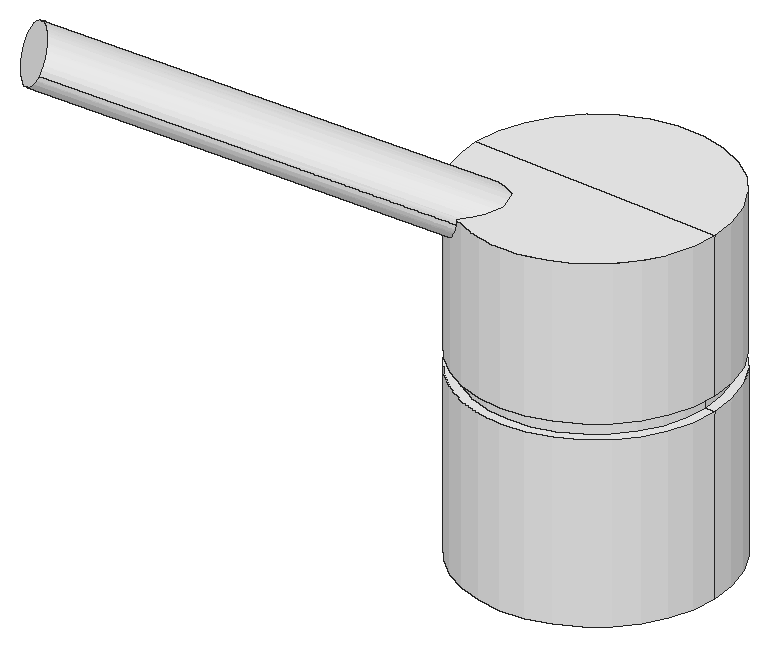
Revit family
Parameters
  Material Tap = Metal - Chrome
  Manufacturer = "Revit"
Reference planes
  plane 1 "Center (Front/Back)": y = 0
  plane 2: z = 0
  plane 3 "Center (Left/Right)": x = 0
  plane 4: z = 86.952
  plane 5: through (0, 6.419, 11.669) normal (0, -0.482, -0.8762)
  plane 6 "1": through (0, 0, 0) normal (-0.7071, 0.7071, 0)
Forms (mm)
  Sweep 1, solid, material "Metal - Chrome" <- "Material Tap"
    path origin (0, 0, -90) x (-0.707107, -0.707107, 0) y (0, 0, 1)
      loop
        line (1.612, 146.811) -> (92.243, 189.073)
    profile origin (-48.366, -48.366, 31.895) x (0.298836, 0.298836, 0.906308) y (-0.707107, 0.707107, 0)
      loop
        spline (50.807, 7.703) -> (49.513, 7.441) -> (48.307, 6.671) -> (47.272, 5.447) -> (46.477, 3.852) -> (45.977, 1.994) -> (45.807, 0) -> (45.977, -1.994) -> (46.477, -3.852) -> (47.272, -5.447) -> (48.307, -6.671) -> (49.513, -7.441) -> (50.807, -7.703)
        spline (50.807, -7.703) -> (52.101, -7.441) -> (53.307, -6.671) -> (54.343, -5.447) -> (55.137, -3.852) -> (55.637, -1.994) -> (55.807, 0) -> (55.637, 1.994) -> (55.137, 3.852) -> (54.343, 5.447) -> (53.307, 6.671) -> (52.101, 7.441) -> (50.807, 7.703)
  Revolve 2, solid, material "Metal - Chrome" <- "Material Tap"
    sketch origin (0, 0, 0) x (1, 0, 0) y (0, 0, 1)
      loop
        line (-25, 0) -> (0, 0) -> (0, 68) -> (-25, 68) -> (-25, 38) -> (-23, 38) -> (-23, 35) -> (-25, 35) -> (-25, 0)
      axis (0, 0) -> (0, 68)
    angle from 0 to 360
Cuts and joins
  joined: Sweep 1, Revolve 2
